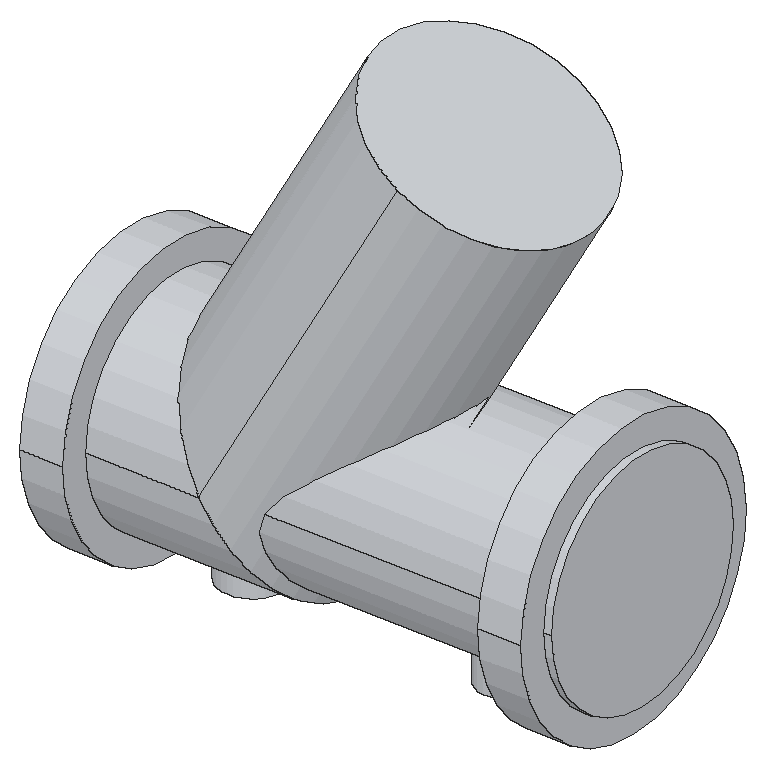
Revit family "HS 821-síto_jemné-PN16-DN300-RFA_2019", category Pipe Accessories, Revit 2019
Family settings
  Round Connector Dimension = Use Diameter
  Part Type = Breaks Into
  Work Plane-Based = No
  Always vertical = Yes
  Cut with Voids When Loaded = No
  Shared = No
Parameters (values of type "821A-DN300-PN16-síto_jemné")
  magiProductId = "9ad0af747269428da925480d83ce80"
  magiProductFamilyId = "79214ac3aaa945e397802f559f5c1e"
  magiPartTypeId = 307
  isMeasuringValve [instance] = no
  ang2D [instance] = 0.00°
  ZB__ve = -ZB  # -71 mm
  ZB1 = 149.85 mm
  ZB = 71 mm
  X2 = 325.914 mm
  X1 = 119 mm
  W2D = 15 mm
  VersionID = "2.0/2017.9.26.1/ZETKAMA_821_001"
  Use Minimum Symbol Size [instance] = yes
  URL = "www.hydronix.cz"
  Type Comments = "Filtr přírubový; síto jemné; A-PN16 (-10~300°C); D-PN25 (-10~350°C); F-PN40 (-10~400°C)"
  S = 370 mm
  QmdConnectorList = "301;D;302;D"
  Productdata [instance] = ""
  Manufacturer = "Hydronix"
  MC Product Code = "210 195 (821A; DN300; PN16; kvs1902,4; oko síta 0,63mm)"
  LM1 = 68 mm
  LM = 680 mm
  L4 = 212.5 mm
  L2D_Min = 3048 mm
  L2D = 130 mm
  L2 = 425 mm
  HH2 = 564.5 mm
  FD = 460 mm
  Description = "Filtr přírubový; síto jemné; 821A-PN16; 821D-PN25; 821F-PN40"
  DM1 = 369.6 mm
  DM = 333 mm
  D = 300 mm
  CC = 14.45 mm
  CAT0 = yes
  C1 = 70.55 mm
  C = 85 mm
  BD = 104.895 mm
Types (40, lengths in mm): name | magiProductId | ZB__ve | ZB1 | ZB | X2 | X1 | S | MC Product Code | LM1 | LM | L4 | L2 | HH2 | FD | DM1 | DM | D | CC | C1 | C | BD
  821A-DN015-PN16-síto_jemné | "a71bcfe8b393460598b23e8ddf7dc5" | -16.25 | 18.63 | 16.25 | 46.982 | 18.2 | 46 | "210 115 (821A; DN015; PN16; kvs6,2; oko síta 0,63mm)" | 10.4 | 104 | 32.5 | 65 | 81.375 | 95 | 27.6 | 41.4 | 15 | 2.21 | 10.79 | 13 | 13.041
  821A-DN020-PN16-síto_jemné | "41cd6c7a12924f4991217528336076" | -17.75 | 22.68 | 17.75 | 51.673 | 21 | 56 | "210 120 (821A; DN020; PN16; kvs9,6; oko síta 0,63mm)" | 12 | 120 | 37.5 | 75 | 89.5 | 105 | 33.6 | 50.4 | 20 | 2.55 | 12.45 | 15 | 15.876
  821A-DN025-PN16-síto_jemné | "be378b463ed14c3abf4c9b3ae8cf3a" | -19.25 | 26.325 | 19.25 | 58.601 | 22.4 | 65 | "210 125 (821A; DN025; PN16; kvs14,2; oko síta 0,63mm)" | 12.8 | 128 | 40 | 80 | 101.5 | 115 | 43.2 | 58.5 | 25 | 2.72 | 13.28 | 16 | 18.427
  821A-DN032-PN16-síto_jemné | "227a0d18b21540afabe8b6067d35fa" | -23 | 30.78 | 23 | 68.849 | 25.2 | 76 | "210 132 (821A; DN032; PN16; kvs23,1; oko síta 0,63mm)" | 14.4 | 144 | 45 | 90 | 119.25 | 140 | 50.4 | 68.4 | 32 | 3.06 | 14.94 | 18 | 21.546
  821A-DN040-PN16-síto_jemné | "d106917c74724141a10440112d0102" | -24.5 | 34.02 | 24.5 | 75.777 | 28 | 84 | "210 140 (821A; DN040; PN16; kvs36,6; oko síta 0,63mm)" | 16 | 160 | 50 | 100 | 131.25 | 150 | 60 | 75.6 | 40 | 3.4 | 16.6 | 20 | 23.814
  821A-DN050-PN16-síto_jemné | "8255d456a09e4f6486734f5dd9171b" | -26.75 | 40.095 | 26.75 | 79.061 | 32.2 | 99 | "210 150 (821A; DN050 PN16; kvs53,7; oko síta 0,63mm)" | 18.4 | 184 | 57.5 | 115 | 136.938 | 165 | 73.8 | 89.1 | 50 | 3.91 | 19.09 | 23 | 28.066
  821A-DN065-PN16-síto_jemné | "235b1b3e4c0843779a4d5e3716d40a" | -29.75 | 47.79 | 29.75 | 86.927 | 40.6 | 118 | "210 165 (821A; DN065; PN16; kvs95,1; oko síta 0,63mm)" | 23.2 | 232 | 72.5 | 145 | 150.562 | 185 | 94.2 | 106.2 | 65 | 4.93 | 24.07 | 29 | 33.453
  821A-DN080-PN16-síto_jemné | "a067f7c5236348ed8c820d16df7214" | -32 | 53.46 | 32 | 104.753 | 43.4 | 132 | "210 180 (821A; DN080; PN16; kvs137,1; oko síta 0,63mm)" | 24.8 | 248 | 77.5 | 155 | 181.438 | 200 | 107.4 | 118.8 | 80 | 5.27 | 25.73 | 31 | 37.422
  821A-DN100-PN16-síto_jemné | "c49a648c2747461285837d643703cd" | -35 | 63.18 | 35 | 114.857 | 49 | 156 | "210 190 (821A; DN100; PN16; kvs206,4; oko síta 0,63mm)" | 28 | 280 | 87.5 | 175 | 198.937 | 220 | 131.4 | 140.4 | 100 | 5.95 | 29.05 | 35 | 44.226
  821A-DN125-PN16-síto_jemné | "bf68e728a163493cbd2a663b26ebdc" | -39.5 | 74.52 | 39.5 | 131.888 | 56 | 184 | "210 191 (821A; DN125; PN16; kvs268,8; oko síta 0,63mm)" | 32 | 320 | 100 | 200 | 228.438 | 250 | 165 | 165.6 | 125 | 6.8 | 33.2 | 40 | 52.164
  821A-DN150-PN16-síto_jemné | "2de770284b654863ae6bc865769dc5" | -44.75 | 85.455 | 44.75 | 155.885 | 67.2 | 211 | "210 192 (821A; DN150; PN16; kvs401,4; oko síta 0,63mm)" | 38.4 | 384 | 120 | 240 | 270 | 285 | 192 | 189.9 | 150 | 8.16 | 39.84 | 48 | 59.818
  821A-DN200-PN16-síto_jemné | "8e5693371ab64aabb29a7f08c76e15" | -53 | 107.73 | 53 | 188.361 | 84 | 266 | "210 193 (821A; DN200; PN16; kvs706,7; oko síta 0,63mm)" | 48 | 480 | 150 | 300 | 326.25 | 340 | 252 | 239.4 | 200 | 10.2 | 49.8 | 60 | 75.411
  821A-DN250-PN16-síto_jemné | "05e37ed948c34047acdd4c42556504" | -62.75 | 129.195 | 62.75 | 255.911 | 102.2 | 319 | "210 194 (821A; DN250; PN16; kvs1229,4; oko síta 0,63mm)" | 58.4 | 584 | 182.5 | 365 | 443.25 | 405 | 309.6 | 287.1 | 250 | 12.41 | 60.59 | 73 | 90.436
  821A-DN300-PN16-síto_jemné | "9ad0af747269428da925480d83ce80" | -71 | 149.85 | 71 | 325.914 | 119 | 370 | "210 195 (821A; DN300; PN16; kvs1902,4; oko síta 0,63mm)" | 68 | 680 | 212.5 | 425 | 564.5 | 460 | 369.6 | 333 | 300 | 14.45 | 70.55 | 85 | 104.895
  821A-DN350-PN16-síto_jemné | "eebc71459bb3451bb4355e7951370a" | -80 | 173.745 | 80 | 356.875 | 137.2 | 429 | "200 196 (821A; DN350; PN16; kvs2611,0; oko síta 0,63mm)" | 78.4 | 784 | 245 | 490 | 618.125 | 520 | 438 | 386.1 | 350 | 16.66 | 81.34 | 98 | 121.621
  821A-DN400-PN16-síto_jemné | "d2f677cb196647e385b2590e7d8abe" | -89 | 194.4 | 89 | 392.237 | 154 | 480 | "210 197 (821A; DN400; PN16; kvs3438,4; oko síta 0,63mm)" | 88 | 880 | 275 | 550 | 679.375 | 580 | 498 | 432 | 400 | 18.7 | 91.3 | 110 | 136.08
  821D-DN015-PN25-síto_jemné | "27ddcbf555414f8ca1fde329bf9087" | -16.25 | 18.63 | 16.25 | 46.982 | 18.2 | 46 | "210 215 (821D; DN015; PN25; kvs6,2; oko síta 0,63mm)" | 10.4 | 104 | 32.5 | 65 | 81.375 | 95 | 27.6 | 41.4 | 15 | 2.21 | 10.79 | 13 | 13.041
  821D-DN020-PN25-síto_jemné | "270e0f14012f47189cd0235c18faee" | -17.75 | 22.68 | 17.75 | 51.673 | 21 | 56 | "210 220 (821D; DN020; PN25; kvs9,6; oko síta 0,63mm)" | 12 | 120 | 37.5 | 75 | 89.5 | 105 | 33.6 | 50.4 | 20 | 2.55 | 12.45 | 15 | 15.876
  821D-DN025-PN25-síto_jemné | "b9a7fb4aa36643878c637d8e1ab992" | -19.25 | 26.325 | 19.25 | 58.601 | 22.4 | 65 | "210 225 (821D; DN025; PN25; kvs14,2; oko síta 0,63mm)" | 12.8 | 128 | 40 | 80 | 101.5 | 115 | 43.2 | 58.5 | 25 | 2.72 | 13.28 | 16 | 18.427
  821D-DN032-PN25-síto_jemné | "6be9a55c4e68400f94eec7e804204c" | -23 | 30.78 | 23 | 68.849 | 25.2 | 76 | "210 232 (821D; DN032; PN25; kvs23,1; oko síta 0,63mm)" | 14.4 | 144 | 45 | 90 | 119.25 | 140 | 50.4 | 68.4 | 32 | 3.06 | 14.94 | 18 | 21.546
  821D-DN040-PN25-síto_jemné | "c54511bd7f584ec2984291479612cb" | -24.5 | 34.02 | 24.5 | 75.777 | 28 | 84 | "210 240 (821D; DN040; PN25; kvs36,6; oko síta 0,63mm)" | 16 | 160 | 50 | 100 | 131.25 | 150 | 60 | 75.6 | 40 | 3.4 | 16.6 | 20 | 23.814
  821D-DN050-PN25-síto_jemné | "5483b1f596b04cd39b23a14a22c90e" | -26.75 | 40.095 | 26.75 | 79.061 | 32.2 | 99 | "210 250 (821D; DN050; PN25; kvs53,7; oko síta 0,63mm)" | 18.4 | 184 | 57.5 | 115 | 136.938 | 165 | 73.8 | 89.1 | 50 | 3.91 | 19.09 | 23 | 28.066
  821D-DN065-PN25-síto_jemné | "767b0f8318e94750bc7a9930ed5b30" | -29.75 | 47.79 | 29.75 | 86.927 | 40.6 | 118 | "210 265 (821D; DN065; PN25; kvs95,1; oko síta 0,63mm)" | 23.2 | 232 | 72.5 | 145 | 150.562 | 185 | 94.2 | 106.2 | 65 | 4.93 | 24.07 | 29 | 33.453
  821D-DN080-PN25-síto_jemné | "e21040fa3cc2404b858198f6b73709" | -32 | 53.46 | 32 | 104.753 | 43.4 | 132 | "210 280 (821D; DN080; PN25; kvs137,1; oko síta 0,63mm)" | 24.8 | 248 | 77.5 | 155 | 181.438 | 200 | 107.4 | 118.8 | 80 | 5.27 | 25.73 | 31 | 37.422
  821D-DN100-PN25-síto_jemné | "175ca87a506b40b3bc6b82f12f33cf" | -37.25 | 63.18 | 37.25 | 114.857 | 49 | 156 | "210 290 (821D; DN100; PN25; kvs206,4; oko síta 0,63mm)" | 28 | 280 | 87.5 | 175 | 198.937 | 235 | 131.4 | 140.4 | 100 | 5.95 | 29.05 | 35 | 44.226
  821D-DN125-PN25-síto_jemné | "77cc98d60da24855999a22dff726b2" | -42.5 | 74.52 | 42.5 | 131.888 | 56 | 184 | "210 291 (821D; DN125; PN25; kvs268,8; oko síta 0,63mm)" | 32 | 320 | 100 | 200 | 228.438 | 270 | 165 | 165.6 | 125 | 6.8 | 33.2 | 40 | 52.164
  821D-DN150-PN25-síto_jemné | "9cf8acfcd15547d68e83172d3abcbe" | -47 | 85.455 | 47 | 155.885 | 67.2 | 211 | "210 292 (821D; DN150; PN25; kvs401,4; oko síta 0,63mm)" | 38.4 | 384 | 120 | 240 | 270 | 300 | 192 | 189.9 | 150 | 8.16 | 39.84 | 48 | 59.818
  821D-DN200-PN25-síto_jemné | "16973f3c9ea14389ba8602495a6b64" | -56 | 110.97 | 56 | 188.361 | 84 | 274 | "210 293 (821D; DN200; PN25; kvs706,7; oko síta 0,63mm)" | 48 | 480 | 150 | 300 | 326.25 | 360 | 252 | 246.6 | 200 | 10.2 | 49.8 | 60 | 77.679
  821F-DN015-PN40-síto_jemné | "4c7eaf3c4c0340888b3e684d8a8616" | -16.25 | 18.225 | 16.25 | 46.982 | 18.2 | 45 | "250 615 (821F; DN015; PN40; kvs6,2; oko síta 0,63mm)" | 10.4 | 104 | 32.5 | 65 | 81.375 | 95 | 27.6 | 40.5 | 15 | 2.21 | 10.79 | 13 | 12.757
  821F-DN020-PN40-síto_jemné | "aaac5f1ec96b44d6ba96ac2293d66d" | -17.75 | 23.49 | 17.75 | 51.673 | 21 | 58 | "250 620 (821F; DN020; PN40; kvs9,6; oko síta 0,63mm)" | 12 | 120 | 37.5 | 75 | 89.5 | 105 | 33.6 | 52.2 | 20 | 2.55 | 12.45 | 15 | 16.443
  821F-DN025-PN40-síto_jemné | "504768023968471481789485b54c7e" | -19.25 | 27.54 | 19.25 | 58.601 | 22.4 | 68 | "250 625 (821F; DN025; PN40; kvs14,2; oko síta 0,63mm)" | 12.8 | 128 | 40 | 80 | 101.5 | 115 | 43.2 | 61.2 | 25 | 2.72 | 13.28 | 16 | 19.278
  821F-DN032-PN40-síto_jemné | "165e7f39cf744f329bdf1c400dad12" | -23 | 31.59 | 23 | 68.849 | 25.2 | 78 | "250 632 (821F; DN032; PN40; kvs23,1; oko síta 0,63mm)" | 14.4 | 144 | 45 | 90 | 119.25 | 140 | 50.4 | 70.2 | 32 | 3.06 | 14.94 | 18 | 22.113
  821F-DN040-PN40-síto_jemné | "b8903f952089408fbf3a5a632bab1f" | -24.5 | 35.64 | 24.5 | 75.777 | 28 | 88 | "250 640 (821F; DN040; PN40; kvs36,6; oko síta 0,63mm)" | 16 | 160 | 50 | 100 | 131.25 | 150 | 60 | 79.2 | 40 | 3.4 | 16.6 | 20 | 24.948
  821F-DN050-PN40-síto_jemné | "c451f97266fe48da8f879cb6a2bd44" | -26.75 | 41.31 | 26.75 | 79.061 | 32.2 | 102 | "250 650 (821F; DN050; PN40; kvs53,7; oko síta 0,63mm)" | 18.4 | 184 | 57.5 | 115 | 136.938 | 165 | 73.8 | 91.8 | 50 | 3.91 | 19.09 | 23 | 28.917
  821F-DN065-PN40-síto_jemné | "dc9821e3f9b34e128f6a8c6b34c198" | -29.75 | 49.41 | 29.75 | 86.927 | 40.6 | 122 | "250 665 (821F; DN065; PN40; kvs95,1; oko síta 0,63mm)" | 23.2 | 232 | 72.5 | 145 | 150.562 | 185 | 94.2 | 109.8 | 65 | 4.93 | 24.07 | 29 | 34.587
  821F-DN080-PN40-síto_jemné | "689aa1e260f84cf4994f027a1d86b5" | -32 | 55.89 | 32 | 104.753 | 43.4 | 138 | "250 680 (821F; DN080; PN40; kvs137,1; oko síta 0,63mm)" | 24.8 | 248 | 77.5 | 155 | 181.438 | 200 | 107.4 | 124.2 | 80 | 5.27 | 25.73 | 31 | 39.123
  821F-DN100-PN40-síto_jemné | "8a45d4e8e2ab425f8c432f21d684f3" | -37.25 | 65.61 | 37.25 | 114.857 | 49 | 162 | "250 690 (821F; DN100; PN40; kvs206,4; oko síta 0,63mm)" | 28 | 280 | 87.5 | 175 | 198.937 | 235 | 131.4 | 145.8 | 100 | 5.95 | 29.05 | 35 | 45.927
  821F-DN125-PN40-síto_jemné | "cf073904c006406b8645afa67ea2fc" | -42.5 | 76.14 | 42.5 | 131.888 | 56 | 188 | "250 691 (821F; DN125; PN40; kvs268,8; oko síta 0,63mm)" | 32 | 320 | 100 | 200 | 228.438 | 270 | 165 | 169.2 | 125 | 6.8 | 33.2 | 40 | 53.298
  821F-DN150-PN40-síto_jemné | "0153b9ddabe14992a630484929fdbc" | -47 | 88.29 | 47 | 155.885 | 67.2 | 218 | "250 692 (821F; DN150; PN40; kvs401,4; oko síta 0,63mm)" | 38.4 | 384 | 120 | 240 | 270 | 300 | 192 | 196.2 | 150 | 8.16 | 39.84 | 48 | 61.803
  821F-DN200-PN40-síto_jemné | "7fb3fc01dd8d42428c203e3f8dd4d5" | -56 | 115.425 | 56 | 188.361 | 84 | 285 | "250 693 (821F; DN200; PN40; kvs706,7; oko síta 0,63mm)" | 48 | 480 | 150 | 300 | 326.25 | 360 | 252 | 256.5 | 200 | 10.2 | 49.8 | 60 | 80.797
Reference planes
  plane 1 "Center (Front/Back)": y = 0
  plane 2 "XYPLANE": z = 0
  plane 3 "Center (Left/Right)": x = 0
  plane 4 "109": x = -272
  plane 5 "108": x = 340
  plane 6 "107": x = -340
  plane 7 "105": x = 425
  plane 8 "104": x = -425
  plane 9 "103": y = 0
  plane 10 "102": z = 0
  plane 11 "101": x = -410.55
  plane 12 "100": x = 410.55
  plane 13 "11": x = -153
  plane 14 "10": z = 564.5
  plane 15 "9": x = 172.914
  plane 16 "5": z = -149.85
  plane 17 "4": x = -212.5
  plane 18 "1": x = 212.5
Forms (mm)
  Extrusion 1, solid, visible <- "CAT0"
    sketch origin (-340, -750, 0) x (0, 1, 0) y (0, 0, 1)
      loop
        circle (750, 0) r 166.5
    from 0 to 680 <- "LM"
  Extrusion 2, solid
    sketch origin (-425, -750, 0) x (0, 1, 0) y (0, 0, 1)
      loop
        circle (750, 0) r 185
    from 0 to 14.45 <- "CC"
  Extrusion 3, solid
    sketch origin (-410.55, -750, 0) x (0, 1, 0) y (0, 0, 1)
      loop
        circle (750, 0) r 230
    from 0 to 70.55 <- "C1"
  Extrusion 4, solid
    sketch origin (340, -750, 0) x (0, 1, 0) y (0, 0, 1)
      loop
        circle (750, 0) r 230
    from 0 to 70.55 <- "C1"
  Extrusion 5, solid
    sketch origin (410.55, -750, 0) x (0, 1, 0) y (0, 0, 1)
      loop
        circle (750, 0) r 185
    from 0 to 14.45 <- "CC"
  Sweep 6, solid, visible <- "CAT0"
    path origin (750, 0, 0) x (-1, 0, 0) y (0, 0, 1)
      loop
        line (1090, 0) -> (903, 0) -> (577.086, 564.5)
    profile origin (-340, 0, 0) x (0, 0, -1) y (0, 1, 0)
      loop
        circle (0, 0) r 184.8
  Extrusion 7, solid, visible <- "CAT0"
    sketch origin (-750, 0, -149.85) x (1, 0, 0) y (0, 1, 0)
      loop
        circle (537.5, 0) r 52.447
    from 0 to -71 <- "ZB__ve"
  Extrusion 8, solid, visible <- "CAT0"
    sketch origin (-750, 0, -149.85) x (1, 0, 0) y (0, 1, 0)
      loop
        circle (962.5, 0) r 52.447
    from 0 to -71 <- "ZB__ve"
  Extrusion 9, solid, not visible
    sketch origin (425, -750, 0) x (0, 1, 0) y (0, 0, 1)
      loop
        circle (750, 0) r 10
    from 0 to -10
  Extrusion 10, solid, not visible
    sketch origin (-425, -750, 0) x (0, 1, 0) y (0, 0, 1)
      loop
        circle (750, 0) r 10
    from 0 to 10
Lines and regions (mm)
  reference lines, not visible
    curve 1: circle (2, 2, 0) r 1 normal (0, 0, 1)
Dimensions and locks
  plane 1 "Center (Front/Back)" to curve 1 = 2 mm
  "LM1": plane 6 "107" to plane 4 "109"
  "LM": plane 6 "107" to plane 5 "108"
  "C": plane 8 "104" to plane 6 "107"
  "L2": plane 3 "Center (Left/Right)" to plane 7 "105"
  "L2": plane 3 "Center (Left/Right)" to plane 8 "104"
  locked: plane 1 "Center (Front/Back)" to plane 9 "103"
  locked: plane 2 "XYPLANE" to plane 10 "102"
  "CC": plane 8 "104" to plane 11 "101"
  "C1": plane 5 "108" to plane 12 "100"
  "X1": plane 4 "109" to plane 13 "11"
  "HH2": plane 2 "XYPLANE" to plane 14 "10"
  "X2": plane 13 "11" to plane 15 "9"
  "ZB1": plane 2 "XYPLANE" to plane 16 "5"
  "L4": plane 8 "104" to plane 17 "4"
  "L2": plane 17 "4" to plane 18 "1"
  Sweep 6 sketch curve to Sweep 6 sketch curve = 0 mm  (x2)
  "DM": diameter of Extrusion 1 sketch curve
  "S": diameter of Extrusion 2 sketch curve
  "FD": diameter of Extrusion 3 sketch curve
  "FD": diameter of Extrusion 4 sketch curve
  "S": diameter of Extrusion 5 sketch curve
  "DM1": diameter of Sweep 6 sketch curve
  "BD": diameter of Extrusion 7 sketch curve
  "BD": diameter of Extrusion 8 sketch curve
  aligned and locked: level to plane 2 "XYPLANE"
  aligned and locked: Extrusion 1 sketch curve to plane 9 "103"
  aligned and locked: plane 10 "102" to Extrusion 1 sketch curve
  aligned and locked: Extrusion 2 sketch curve to plane 9 "103"
  aligned and locked: plane 10 "102" to Extrusion 2 sketch curve
  aligned and locked: Extrusion 3 sketch curve to plane 9 "103"
  aligned and locked: plane 10 "102" to Extrusion 3 sketch curve
  aligned and locked: Extrusion 4 sketch curve to plane 9 "103"
  aligned and locked: plane 10 "102" to Extrusion 4 sketch curve
  aligned and locked: Extrusion 5 sketch curve to plane 9 "103"
  aligned and locked: plane 10 "102" to Extrusion 5 sketch curve
  aligned and locked: Sweep 6 sketch curve to plane 9 "103"
  aligned and locked: plane 10 "102" to Sweep 6 sketch curve  (x3)
  aligned and locked: plane 6 "107" to Sweep 6 sketch curve
  aligned and locked: plane 13 "11" to Sweep 6 sketch curve
  aligned and locked: plane 14 "10" to Sweep 6 sketch curve
  aligned and locked: plane 15 "9" to Sweep 6 sketch curve
  aligned and locked: plane 9 "103" to Extrusion 7 sketch curve
  aligned and locked: plane 17 "4" to Extrusion 7 sketch curve
  aligned and locked: plane 9 "103" to Extrusion 8 sketch curve
  aligned and locked: plane 18 "1" to Extrusion 8 sketch curve
  aligned and locked: Extrusion 9 sketch curve to plane 9 "103"
  aligned and locked: plane 10 "102" to Extrusion 9 sketch curve
  aligned and locked: Extrusion 10 sketch curve to plane 9 "103"
  aligned and locked: plane 10 "102" to Extrusion 10 sketch curve
Automatic sketch dimensions
  plane 1 "Center (Front/Back)" to Extrusion 9 sketch curve = 10 mm
  plane 1 "Center (Front/Back)" to Extrusion 10 sketch curve = 10 mm
  plane 3 "Center (Left/Right)" to curve 1 = 2 mm
  radius of curve 1 = 1 mm
Connectors
  piping at (-425, 0, 0), diameter 300, driven by "D"
    settings: on Extrusion 10, index 1, connector inside diameter 609.6 mm, connector length 0 mm, flow factor 0, pipe flow 0.0 L/s, pressure drop 0.0 Pa, fitting loss kfactor 0, connector angle 0.00°, fixture units 0, engagement length 0 mm, angle of deflection 0.00°, flow configuration 0, flow direction 0, fitting loss method 0, system type 29, joint type 0, gender type 0, connector reference index 2, connector utility 0, adjustable connector no, is connector primary yes, connector description ""
  piping at (425, 0, 0), diameter 300, driven by "D"
    settings: on Extrusion 9, index 2, connector inside diameter 609.6 mm, connector length 0 mm, flow factor 0, pipe flow 0.0 L/s, pressure drop 0.0 Pa, fitting loss kfactor 0, connector angle 0.00°, fixture units 0, engagement length 0 mm, angle of deflection 0.00°, flow configuration 0, flow direction 0, fitting loss method 0, system type 29, joint type 0, gender type 0, connector reference index 1, connector utility 0, adjustable connector no, is connector primary no, connector description ""
